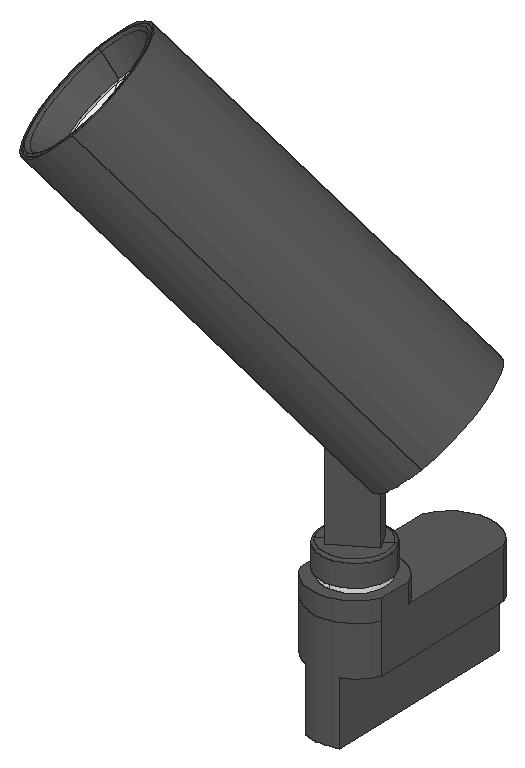
Revit family "0005447", category Lighting Fixtures, host Face, Revit 2017 (continued)
Definition of nested family "START Track Spot Integral Head"
  Types (3, lengths in mm): name | Photometric Web File | built-in parameter 1150142
    0005447 - 36 | "0005447_36.ies" | "IESNA:LM-63-2002\r\n[TEST] 202010555\r\n[TESTLAB] \r\n[TESTDATE] 23 May 2020\r\n[ISSUEDATE] 23 May 2020\r\n[MANUFAC] Sylvania\r\n[LUMCAT] 202010555\r\n[LUMINAIRE] FT1079-B-4000£¨36¡ã£©\r\n[FLASHAREA] 0.000514\r\n[LAMPCAT] 202010555\r\n[LAMP] LED 17W - 16.16 W\r\nTILT=NONE\r\n1 1551.00 1.0 181 4 1 2 -0.052 -0.052 0.000\r\n1.00 1.00 16.16\r\n0.00 1.00 2.00 3.00 4.00 5.00 6.00 7.00 8.00 9.00 10.00 \r\n11.00 12.00 13.00 14.00 15.00 16.00 17.00 18.00 19.00 \r\n20.00 21.00 22.00 23.00 24.00 25.00 26.00 27.00 28.00 \r\n29.00 30.00 31.00 32.00 33.00 34.00 35.00 36.00 37.00 \r\n38.00 39.00 40.00 41.00 42.00 43.00 44.00 45.00 46.00 \r\n47.00 48.00 49.00 50.00 51.00 52.00 53.00 54.00 55.00 \r\n56.00 57.00 58.00 59.00 60.00 61.00 62.00 63.00 64.00 \r\n65.00 66.00 67.00 68.00 69.00 70.00 71.00 72.00 73.00 \r\n74.00 75.00 76.00 77.00 78.00 79.00 80.00 81.00 82.00 \r\n83.00 84.00 85.00 86.00 87.00 88.00 89.00 90.00 91.00 \r\n92.00 93.00 94.00 95.00 96.00 97.00 98.00 99.00 100.00 \r\n101.00 102.00 103.00 104.00 105.00 106.00 107.00 108.00 \r\n109.00 110.00 111.00 112.00 113.00 114.00 115.00 116.00 \r\n117.00 118.00 119.00 120.00 121.00 122.00 123.00 124.00 \r\n125.00 126.00 127.00 128.00 129.00 130.00 131.00 132.00 \r\n133.00 134.00 135.00 136.00 137.00 138.00 139.00 140.00 \r\n141.00 142.00 143.00 144.00 145.00 146.00 147.00 148.00 \r\n149.00 150.00 151.00 152.00 153.00 154.00 155.00 156.00 \r\n157.00 158.00 159.00 160.00 161.00 162.00 163.00 164.00 \r\n165.00 166.00 167.00 168.00 169.00 170.00 171.00 172.00 \r\n173.00 174.00 175.00 176.00 177.00 178.00 179.00 180.00 \r\n0.00 30.00 60.00 90.00 \r\n2891.24 2887.48 2883.34 2876.25 2858.15 2835.65 2804.62 \r\n2760.96 2704.12 2636.85 2565.16 2486.98 2398.93 2298.14 \r\n2185.73 2065.68 1938.03 1801.86 1666.63 1536.14 1412.10 \r\n1296.09 1185.43 1084.08 989.98 902.58 818.75 741.94 \r\n669.29 601.82 540.30 481.05 428.53 380.98 338.43 300.49 \r\n266.34 235.22 208.88 184.99 164.23 146.05 130.41 117.00 \r\n105.47 95.42 86.63 78.67 71.45 64.80 58.82 53.49 48.74 \r\n44.58 40.61 37.16 34.18 31.53 29.13 26.84 24.60 22.34 \r\n20.10 18.17 16.63 15.26 14.03 12.67 11.12 9.47 7.88 6.48 \r\n5.15 4.00 3.16 2.45 1.78 1.13 0.57 0.12 0.01 0.01 0.01 \r\n0.01 0.01 0.01 0.01 0.01 0.01 0.01 0.01 0.01 0.01 0.01 \r\n0.01 0.01 0.01 0.01 0.01 0.01 0.01 0.01 0.01 0.01 0.01 \r\n0.01 0.01 0.01 0.01 0.01 0.01 0.01 0.01 0.01 0.01 0.01 \r\n0.01 0.01 0.01 0.01 0.01 0.01 0.01 0.01 0.01 0.01 0.01 \r\n0.01 0.01 0.01 0.01 0.01 0.01 0.01 0.01 0.01 0.01 0.01 \r\n0.01 0.01 0.01 0.01 0.01 0.01 0.01 0.01 0.01 0.01 0.01 \r\n0.01 0.01 0.01 0.01 0.01 0.01 0.01 0.01 0.01 0.01 0.01 \r\n0.01 0.01 0.01 0.01 0.01 0.01 0.01 0.01 0.01 0.01 0.01\r\n0.01 0.01 0.1 0.01 0.1 0.01 0.01 0.01 0.01 0.01 \r\n2886.80 2883.41 2879.92 2870.49 2854.90 2830.66 2800.13 \r\n2755.66 2699.00 2634.08 2562.03 2481.57 2393.92 2293.77 \r\n2184.85 2062.13 1932.37 1797.63 1663.33 1533.16 1407.34 \r\n1292.70 1183.89 1082.73 988.30 899.32 816.45 738.86 \r\n667.48 600.47 538.91 479.96 427.83 380.54 338.13 300.18 \r\n265.05 234.93 207.59 183.75 163.00 145.03 129.41 116.16 \r\n104.76 94.89 86.13 78.22 71.03 64.46 58.66 53.47 48.83 \r\n44.67 40.93 37.42 34.24 31.44 28.90 26.62 24.34 22.16 \r\n19.94 18.06 16.50 15.11 13.88 12.58 11.02 9.39 7.87 6.49 \r\n5.18 4.02 3.16 2.46 1.78 1.13 0.56 0.15 0.01 0.01 0.01 \r\n0.01 0.01 0.01 0.01 0.01 0.01 0.01 0.01 0.01 0.01 0.01 \r\n0.01 0.01 0.01 0.01 0.01 0.01 0.01 0.01 0.01 0.01 0.01 \r\n0.01 0.01 0.01 0.01 0.01 0.01 0.01 0.01 0.01 0.01 0.01 \r\n0.01 0.01 0.01 0.01 0.01 0.01 0.01 0.01 0.01 0.01 0.01 \r\n0.01 0.01 0.01 0.01 0.01 0.01 0.01 0.01 0.01 0.01 0.01 \r\n0.01 0.01 0.01 0.01 0.01 0.01 0.01 0.01 0.01 0.01 0.01 \r\n0.01 0.01 0.01 0.01 0.01 0.01 0.01 0.01 0.01 0.01 0.01 \r\n0.01 0.01 0.01 0.01 0.01 0.01 0.01 0.01 0.01 0.01 0.01\r\n0.01 0.01 0.01 0.01 0.1 0.01 0.1 0.01 0.1 0.01 \r\n2883.48 2883.53 2878.90 2870.12 2855.05 2831.09 2799.36 \r\n2755.56 2699.97 2636.15 2563.48 2483.38 2394.47 2294.64 \r\n2183.19 2059.79 1930.91 1794.92 1660.22 1529.40 1404.32 \r\n1289.19 1180.15 1077.79 982.61 893.29 809.34 731.21 \r\n658.42 590.98 528.79 471.03 418.00 370.73 328.85 291.26 \r\n257.25 227.04 200.83 177.61 157.29 139.86 124.86 112.03 \r\n100.99 91.37 82.79 75.33 68.55 62.45 56.92 51.98 47.57 \r\n43.50 39.71 36.37 33.51 30.94 28.64 26.44 24.27 22.05 \r\n19.83 17.89 16.35 15.01 13.79 12.53 11.06 9.40 7.85 6.49 \r\n5.21 4.06 3.17 2.46 1.78 1.13 0.55 0.15 0.01 0.010 0.01 \r\n0.01 0.01 0.01 0.01 0.01 0.01 0.01 0.01 0.01 0.01 0.01 \r\n0.01 0.01 0.01 0.01 0.01 0.01 0.01 0.01 0.01 0.01 0.01 \r\n0.01 0.01 0.01 0.01 0.01 0.01 0.01 0.01 0.01 0.01 0.01 \r\n0.01 0.01 0.01 0.01 0.01 0.01 0.01 0.01 0.01 0.01 0.01 \r\n0.01 0.01 0.01 0.01 0.01 0.01 0.01 0.01 0.01 0.01 0.01 \r\n0.01 0.01 0.01 0.01 0.01 0.01 0.01 0.01 0.01 0.01 0.01 \r\n0.01 0.01 0.01 0.01 0.01 0.01 0.01 0.01 0.01 0.01 0.01 \r\n0.01 0.01 0.01 0.01 0.01 0.01 0.01 0.01 0.01 0.01 0.01\r\n0.01 0.01 0.01 0.01 0.01 0.01 0.01 0.01 0.01 0.01 \r\n2882.48 2882.21 2878.24 2869.99 2853.19 2831.39 2799.13 \r\n2754.47 2699.26 2636.17 2564.26 2484.61 2397.02 2298.24 \r\n2187.00 2063.97 1932.31 1797.43 1661.41 1526.61 1399.75 \r\n1283.09 1172.80 1068.72 973.48 883.83 800.31 722.05 \r\n649.61 582.63 521.48 463.34 411.76 365.11 323.37 286.06 \r\n252.19 222.74 196.76 173.62 153.26 135.84 120.83 108.21 \r\n97.16 87.32 78.93 71.76 65.33 59.68 54.56 50.06 45.80 \r\n41.83 38.40 35.24 32.46 29.85 27.43 25.32 23.29 21.26 \r\n19.21 17.42 16.07 14.82 13.60 12.39 10.93 9.40 7.91 6.55 \r\n5.22 4.03 3.16 2.43 1.74 1.09 0.52 0.13 0.01 0.01 0.01 \r\n0.01 0.01 0.01 0.01 0.01 0.01 0.01 0.01 0.01 0.01 0.01 \r\n0.01 0.01 0.01 0.01 0.01 0.01 0.01 0.01 0.01 0.01 0.01 \r\n0.01 0.01 0.01 0.01 0.01 0.01 0.01 0.01 0.01 0.01 0.01 \r\n0.01 0.01 0.01 0.01 0.01 0.01 0.01 0.01 0.01 0.01 0.01 \r\n0.01 0.01 0.01 0.01 0.01 0.01 0.01 0.01 0.01 0.01 0.01 \r\n0.01 0.01 0.01 0.01 0.01 0.01 0.01 0.01 0.01 0.01 0.01 \r\n0.01 0.01 0.01 0.01 0.01 0.01 0.01 0.01 0.01 0.01 0.01 \r\n0.01 0.01 0.01 0.01 0.01 0.01 0.01 0.01 0.01 0.01 0.01\r\n0.01 0.01 0.01 0.01 0.01 0.01 0.01 0.01 0.01 0.01 \r\n"
    0005447 - 54 | "0005447_54.ies" | "IESNA:LM-63-2002\r\n[TEST] 202010555\r\n[TESTLAB] \r\n[TESTDATE] 23 May 2020\r\n[ISSUEDATE] 23 May 2020\r\n[MANUFAC] Sylvania\r\n[LUMCAT] 202010555\r\n[LUMINAIRE] FT1079-B-4000£¨54¡ã£©\r\n[FLASHAREA] 0.000514\r\n[LAMPCAT] 202010555\r\n[LAMP] LED 17W - 16.26 W\r\nTILT=NONE\r\n1 1548.90 1.0 181 4 1 2 -0.052 -0.052 0.000\r\n1.00 1.00 16.26\r\n0.00 1.00 2.00 3.00 4.00 5.00 6.00 7.00 8.00 9.00 10.00 \r\n11.00 12.00 13.00 14.00 15.00 16.00 17.00 18.00 19.00 \r\n20.00 21.00 22.00 23.00 24.00 25.00 26.00 27.00 28.00 \r\n29.00 30.00 31.00 32.00 33.00 34.00 35.00 36.00 37.00 \r\n38.00 39.00 40.00 41.00 42.00 43.00 44.00 45.00 46.00 \r\n47.00 48.00 49.00 50.00 51.00 52.00 53.00 54.00 55.00 \r\n56.00 57.00 58.00 59.00 60.00 61.00 62.00 63.00 64.00 \r\n65.00 66.00 67.00 68.00 69.00 70.00 71.00 72.00 73.00 \r\n74.00 75.00 76.00 77.00 78.00 79.00 80.00 81.00 82.00 \r\n83.00 84.00 85.00 86.00 87.00 88.00 89.00 90.00 91.00 \r\n92.00 93.00 94.00 95.00 96.00 97.00 98.00 99.00 100.00 \r\n101.00 102.00 103.00 104.00 105.00 106.00 107.00 108.00 \r\n109.00 110.00 111.00 112.00 113.00 114.00 115.00 116.00 \r\n117.00 118.00 119.00 120.00 121.00 122.00 123.00 124.00 \r\n125.00 126.00 127.00 128.00 129.00 130.00 131.00 132.00 \r\n133.00 134.00 135.00 136.00 137.00 138.00 139.00 140.00 \r\n141.00 142.00 143.00 144.00 145.00 146.00 147.00 148.00 \r\n149.00 150.00 151.00 152.00 153.00 154.00 155.00 156.00 \r\n157.00 158.00 159.00 160.00 161.00 162.00 163.00 164.00 \r\n165.00 166.00 167.00 168.00 169.00 170.00 171.00 172.00 \r\n173.00 174.00 175.00 176.00 177.00 178.00 179.00 180.00 \r\n0.00 30.00 60.00 90.00 \r\n1795.31 1795.26 1791.08 1788.17 1781.89 1778.57 1767.73 \r\n1757.55 1744.10 1728.78 1705.56 1683.17 1657.51 1627.43 \r\n1595.67 1559.28 1519.58 1481.41 1436.58 1390.07 1337.12 \r\n1280.13 1222.35 1162.00 1096.69 1025.38 956.05 884.60 \r\n819.50 755.22 693.43 634.71 579.54 528.47 480.10 436.73 \r\n397.67 362.14 329.11 298.67 271.55 244.76 222.11 201.52 \r\n182.66 165.65 150.00 135.93 122.86 110.81 100.79 91.68 \r\n83.70 76.20 69.57 63.18 57.11 51.53 46.35 41.38 36.25 \r\n31.35 26.86 23.47 21.01 18.88 17.05 15.40 13.86 12.29 \r\n10.67 9.07 7.46 6.21 5.09 3.97 2.95 1.97 1.00 0.23 0.01 \r\n0.01 0.01 0.01 0.01 0.01 0.01 0.01 0.01 0.01 0.01 0.01 \r\n0.01 0.01 0.01 0.01 0.01 0.01 0.01 0.01 0.01 0.01 0.01 \r\n0.01 0.01 0.01 0.01 0.01 0.01 0.01 0.01 0.01 0.01 0.01 \r\n0.01 0.01 0.01 0.01 0.01 0.01 0.01 0.01 0.01 0.01 0.01 \r\n0.01 0.01 0.01 0.01 0.01 0.01 0.01 0.01 0.01 0.01 0.01 \r\n0.01 0.01 0.01 0.01 0.01 0.01 0.01 0.01 0.01 0.01 0.01 \r\n0.01 0.01 0.01 0.01 0.01 0.01 0.01 0.01 0.01 0.01 0.01 \r\n0.01 0.01 0.01 0.01 0.01 0.01 0.01 0.01 0.01 0.01 0.01 \r\n0.01 0.01 0.01 0.01 0.01 0.01 0.01 0.01 0.01 0.01 0.01\r\n0.01 \r\n1789.45 1787.87 1783.87 1779.02 1776.32 1770.96 1761.41 \r\n1750.30 1736.96 1721.68 1702.63 1679.49 1655.72 1626.20 \r\n1591.31 1554.79 1515.32 1474.27 1429.54 1383.21 1330.98 \r\n1274.83 1214.76 1151.79 1085.11 1016.63 948.05 879.91 \r\n814.43 750.01 689.35 632.10 578.62 529.24 481.52 438.69 \r\n399.10 363.81 331.23 301.22 273.44 247.83 224.57 203.95 \r\n185.09 167.44 151.53 136.71 123.15 111.31 101.00 91.82 \r\n83.62 76.09 69.42 62.65 56.35 50.64 45.36 40.44 35.75 \r\n30.95 26.60 23.35 20.94 18.88 17.04 15.37 13.79 12.21 \r\n10.64 9.10 7.59 6.32 5.18 4.05 3.01 1.97 0.98 0.27 0.01 \r\n0.01 0.01 0.01 0.01 0.01 0.01 0.01 0.01 0.01 0.01 0.01 \r\n0.01 0.01 0.01 0.01 0.01 0.01 0.01 0.01 0.01 0.01 0.01 \r\n0.01 0.01 0.01 0.01 0.01 0.01 0.01 0.01 0.01 0.01 0.01 \r\n0.01 0.01 0.01 0.01 0.01 0.01 0.01 0.01 0.01 0.01 0.01 \r\n0.01 0.01 0.01 0.01 0.01 0.01 0.01 0.01 0.01 0.01 0.01 \r\n0.01 0.01 0.01 0.01 0.01 0.01 0.01 0.01 0.01 0.01 0.01 \r\n0.01 0.01 0.01 0.01 0.01 0.01 0.01 0.01 0.01 0.01 0.01 \r\n0.01 0.01 0.01 0.01 0.01 0.01 0.01 0.01 0.01 0.01 0.01 \r\n0.01 0.01 0.01 0.01 0.01 0.01 0.01 0.01 0.01 0.01 0.01 \r\n0.00 \r\n1787.64 1786.75 1784.48 1779.69 1775.26 1769.11 1758.49 \r\n1748.19 1734.44 1717.34 1696.48 1673.77 1645.27 1614.50 \r\n1581.26 1545.31 1506.89 1466.57 1422.85 1374.53 1321.52 \r\n1265.61 1205.03 1142.01 1076.50 1008.95 941.32 873.95 \r\n808.80 745.63 686.15 629.95 578.22 529.00 483.41 440.70 \r\n401.67 366.18 333.88 303.75 276.08 249.31 225.88 204.55 \r\n185.18 166.56 150.06 134.48 120.88 108.82 98.64 89.75 \r\n82.00 74.84 68.28 62.01 55.97 50.46 45.29 40.17 35.15 \r\n30.41 25.99 22.93 20.60 18.66 16.93 15.36 13.81 12.21 \r\n10.61 9.06 7.58 6.32 5.20 4.07 3.01 1.98 0.99 0.26 0.01 \r\n0.01 0.01 0.01 0.01 0.01 0.01 0.01 0.01 0.01 0.01 0.01 \r\n0.01 0.01 0.01 0.01 0.01 0.01 0.01 0.01 0.01 0.01 0.01 \r\n0.01 0.01 0.01 0.01 0.01 0.01 0.01 0.01 0.01 0.01 0.01 \r\n0.01 0.01 0.01 0.01 0.01 0.01 0.01 0.01 0.01 0.01 0.01 \r\n0.01 0.01 0.01 0.01 0.01 0.01 0.01 0.01 0.01 0.01 0.01 \r\n0.01 0.01 0.01 0.01 0.01 0.01 0.01 0.01 0.01 0.01 0.01 \r\n0.01 0.01 0.01 0.01 0.01 0.01 0.01 0.01 0.01 0.01 0.01 \r\n0.01 0.01 0.01 0.01 0.01 0.01 0.01 0.01 0.01 0.01 0.01 \r\n0.01 0.01 0.01 0.01 0.01 0.01 0.01 0.01 0.01 0.01 0.01\r\n0.01 \r\n1785.70 1786.16 1782.52 1779.46 1775.32 1767.73 1757.55 \r\n1744.47 1729.37 1711.85 1691.59 1667.42 1641.27 1610.39 \r\n1577.57 1541.64 1502.88 1460.78 1417.37 1368.75 1315.22 \r\n1259.85 1201.61 1138.33 1072.73 1005.47 938.25 872.60 \r\n807.45 745.15 685.39 630.32 579.06 530.18 483.40 441.54 \r\n402.56 367.40 334.18 303.82 275.45 248.02 224.00 202.03 \r\n181.61 163.26 146.38 131.32 118.57 107.39 97.38 88.52 \r\n80.70 73.84 67.52 61.17 55.09 49.44 44.36 39.54 34.72 \r\n30.01 25.56 22.66 20.44 18.53 16.84 15.32 13.79 12.19 \r\n10.59 9.09 7.59 6.39 5.28 4.15 3.09 2.02 0.99 0.22 0.01 \r\n0.01 0.01 0.01 0.01 0.01 0.01 0.01 0.01 0.01 0.01 0.01 \r\n0.01 0.01 0.01 0.01 0.01 0.01 0.01 0.01 0.01 0.01 0.01 \r\n0.01 0.01 0.01 0.01 0.01 0.01 0.01 0.01 0.01 0.01 0.01 \r\n0.01 0.01 0.01 0.01 0.01 0.01 0.01 0.01 0.01 0.01 0.01 \r\n0.01 0.01 0.01 0.01 0.01 0.01 0.01 0.01 0.01 0.01 0.01 \r\n0.01 0.01 0.01 0.01 0.01 0.01 0.01 0.01 0.01 0.01 0.01 \r\n0.01 0.01 0.01 0.01 0.01 0.01 0.01 0.01 0.01 0.01 0.01 \r\n0.01 0.01 0.01 0.01 0.01 0.01 0.01 0.01 0.01 0.01 0.01 \r\n0.01 0.01 0.01 0.01 0.01 0.01 0.01 0.01 0.01 0.01 0.01 \r\n0.01 \r\n"
  Reference planes
    plane 1 "Center (Front/Back)": y = 0
    plane 2: z = 0
    plane 3 "Center (Left/Right)": x = 0
    plane 4: x = 30
    plane 5: z = 16.8
    plane 6: z = -143.2
    plane 7: x = 29
    plane 8: x = 21
    plane 9: x = 8
    plane 10: z = -133.2
    plane 11: z = -118.2
    plane 12: z = -11.2
    plane 13: x = 28
    plane 14: x = 24.5
    plane 15: z = -131.2
    plane 16: z = -116.2
    plane 17: z = -1
    plane 18: x = 4.75
    plane 19: x = -4.75
    plane 20: y = -30
    plane 21: y = -11
    plane 22: x = 27
    plane 23: y = -20.5
  Forms (mm)
    Extrusion 1, solid
      sketch origin (4.2, 0, 0) x (1, 0, 0) y (0, 1, 0)
        loop
          line (-1219.2, 1219.2) -> (-1219.2, -1219.2) -> (1219.2, -1219.2) -> (1219.2, 1219.2) -> (-1219.2, 1219.2)
      from 0 to -68.017
    Revolve 2, solid, material <- "Material_1_SYL"
      sketch origin (0, 0, 0) x (1, 0, 0) y (0, 0, 1)
        loop
          line (30, -143.2) -> (30, 16.8) -> (29, 16.8) -> (29, -143.2) -> (30, -143.2)
        axis (0, 16.8) -> (0, -143.2)
      angle from 360 to 0
    Revolve 3, solid, material <- "Material_1_SYL"
      sketch origin (0, 0, 0) x (1, 0, 0) y (0, 0, 1)
        loop
          line (29, 16.8) -> (28, 16.8)
          arc (28, 16.8) -> (24.5, 15.673) -> (21, 16.8) r 6
          line (21, 16.8) -> (0, 16.8) -> (0, -11.2) -> (29, -11.2) -> (29, 16.8)
        axis (0, 16.8) -> (0, -11.2)
      angle from 360 to 0
    Revolve 4, solid, material <- "Material_2_SYL"
      sketch origin (0, 0, 0) x (1, 0, 0) y (0, 0, 1)
        loop
          line (29, -131.2) -> (0, -131.2) -> (0, -133.2) -> (29, -133.2) -> (29, -131.2)
        axis (0, -131.2) -> (0, -133.2)
      angle from 360 to 0
    Revolve 5, solid
      sketch origin (0, 0, 0) x (1, 0, 0) y (0, 0, 1)
        loop
          line (0, -118.2) -> (8, -118.2)
          arc (8, -118.2) -> (18.503, -121.84) -> (24.5, -131.2) r 16.971
          line (24.5, -131.2) -> (29, -131.2) -> (29, -116.2) -> (0, -116.2) -> (0, -118.2)
        axis (0, -116.2) -> (0, -131.2)
      angle from 360 to 0
    Extrusion 6, void
      sketch origin (1524, -30, 1219.2) x (-1, 0, 0) y (0, 0, 1)
        loop
          line (1528.75, -1230.4) -> (1528.75, -1202.4) -> (1519.25, -1202.4) -> (1519.25, -1230.4) -> (1528.75, -1230.4)
      from 0 to 19
    Revolve 7, solid, material <- "Material_1_SYL"
      sketch origin (0, 0, 0) x (1, 0, 0) y (0, 0, 1)
        loop
          line (21, -133.2) -> (26.506, -142.377)
          arc (26.506, -142.377) -> (27.014, -142.976) -> (27.767, -143.2) r 1.377
          line (27.767, -143.2) -> (29, -143.2) -> (29, -133.2) -> (21, -133.2)
        axis (0, -133.2) -> (0, -143.2)
      angle from 360 to 0
  Cuts and joins
    Extrusion 6 cuts Revolve 3
    Extrusion 6 cuts Revolve 2
  Lines and regions (mm)
    reference lines
      curve 1: arc (21, 0, 16.8) -> (24.5, 0, 15.673) -> (28, 0, 16.8) r 6
      curve 2: line (21, 0, -133.2) -> (27, 0, -143.2)
  Dimensions and locks
    "RadiusHead_SYL": plane 4 to plane 3 "Center (Left/Right)"
    "DistRotateAxisY_SYL": plane 5 to plane 2
    "Height_SYL": plane 5 to plane 6
    locked: plane 4 to plane 7 at 1
    "RadiusLensOut_SYL": plane 8 to plane 3 "Center (Left/Right)"
    "RadiusEmission_SYL": plane 9 to plane 3 "Center (Left/Right)"
    "DepthLens_SYL": plane 10 to plane 6
    "DepthEmission_SYL": plane 11 to plane 6
    locked: plane 5 to plane 12 at 28
    locked: plane 4 to plane 13 at 2
    equal spacing: plane 13, plane 14, plane 8
    locked: plane 5 to curve 1 at 1.127
    locked: plane 15 to plane 10 at 2
    locked: plane 16 to plane 11 at 2
    locked: plane 2 to plane 17 at 1
    equal spacing: plane 18, plane 3 "Center (Left/Right)", plane 19
    "WidthCutOut_SYL": plane 18 to plane 19
    "RadiusHead_SYL": plane 20 to plane 1 "Center (Front/Back)"
    "DepthCutOut_SYL": plane 20 to plane 21
    locked: plane 4 to plane 22 at 3
    equal spacing: plane 20, plane 23, plane 21
    aligned and locked: plane 2 to Extrusion 1
    aligned and locked: level to Extrusion 1
    aligned and locked: plane 8 to curve 1
    aligned and locked: plane 13 to curve 1
    aligned and locked: plane 14 to curve 1
    aligned and locked: plane 5 to curve 1
    aligned and locked: Revolve 2 sketch curve to plane 3 "Center (Left/Right)"
    aligned and locked: Revolve 2 sketch curve to plane 6
    aligned and locked: Revolve 2 sketch curve to plane 4
    aligned and locked: plane 5 to Revolve 2 sketch curve
    aligned and locked: plane 7 to Revolve 2 sketch curve
    aligned and locked: Revolve 3 sketch curve to plane 3 "Center (Left/Right)"
    aligned and locked: Revolve 3 sketch curve to Revolve 2  (x3)
    aligned and locked: Revolve 3 sketch curve to plane 12
    aligned and locked: plane 3 "Center (Left/Right)" to Revolve 3 sketch curve
    aligned and locked: Revolve 3 sketch curve to curve 1
    aligned and locked: plane 5 to Revolve 3 sketch curve
    aligned and locked: Revolve 4 sketch curve to plane 3 "Center (Left/Right)"  (x2)
    aligned and locked: Revolve 4 sketch curve to plane 15
    aligned and locked: plane 7 to Revolve 4 sketch curve
    aligned and locked: Revolve 5 sketch curve to plane 3 "Center (Left/Right)"  (x2)
    aligned and locked: plane 3 "Center (Left/Right)" to Revolve 5 sketch curve
    aligned and locked: plane 9 to Revolve 5 sketch curve
    aligned and locked: plane 11 to Revolve 5 sketch curve
    aligned and locked: plane 14 to Revolve 5 sketch curve
    aligned and locked: plane 15 to Revolve 5 sketch curve
    aligned and locked: plane 12 to Extrusion 6 sketch curve
    aligned and locked: Extrusion 6 sketch curve to plane 19
    aligned and locked: Extrusion 6 sketch curve to plane 5
    aligned and locked: plane 18 to Extrusion 6 sketch curve
    aligned and locked: Extrusion 6 to plane 21
    aligned and locked: plane 20 to Extrusion 6
    aligned and locked: plane 10 to curve 2
    aligned and locked: plane 22 to curve 2
    aligned and locked: Revolve 7 sketch curve to plane 3 "Center (Left/Right)"
    aligned and locked: plane 10 to Revolve 7 sketch curve
    aligned and locked: Revolve 7 sketch curve to Revolve 4
    aligned and locked: Revolve 7 sketch curve to curve 2
    aligned and locked: plane 3 "Center (Left/Right)" to imposter light
    aligned and locked: imposter light to plane 1 "Center (Front/Back)"
    aligned and locked: imposter light to plane 10
  Automatic sketch dimensions
    Extrusion 1 sketch curve to Extrusion 1 sketch curve = 2438.4 mm  (x2)
    plane 6 to Revolve 2 sketch curve = 487.1 mm
    Revolve 2 sketch curve to plane 5 = 2571.558 mm
    plane 6 to Revolve 3 sketch curve = 487.1 mm
    Revolve 3 sketch curve to Revolve 3 sketch curve = 2566.685 mm
    plane 6 to Revolve 4 sketch curve = 487.1 mm
    Revolve 4 sketch curve to plane 5 = 2571.558 mm
    Revolve 5 sketch curve to plane 11 = 2 mm
    plane 6 to Revolve 5 sketch curve = 487.1 mm
    Revolve 5 sketch curve to plane 5 = 2571.558 mm
    Revolve 5 sketch curve to plane 7 = 0 mm
    Revolve 4 sketch curve to plane 10 = 0 mm
    curve 2 to plane 8 = 0 mm
    curve 1 to plane 14 = 0 mm
    curve 2 to plane 6 = 0 mm
    curve 1 to plane 13 = 0 mm
    Revolve 7 sketch curve to plane 6 = 0 mm
    Revolve 7 sketch curve to plane 22 = 0.494 mm
    Revolve 7 sketch curve to plane 13 = 0.233 mm
    plane 6 to Revolve 7 sketch curve = 474.6 mm
    Revolve 7 sketch curve to plane 5 = 2584.058 mm
Types (3, lengths in mm): name | TypeHead_SYL
  0005447 PIXO SMALL 1600LM 940 NB MB WB BLK - 24 | START Track Spot Integral Head : 0005447 - 24
  0005447 PIXO SMALL 1600LM 940 NB MB WB BLK - 36 | START Track Spot Integral Head : 0005447 - 36
  0005447 PIXO SMALL 1600LM 940 NB MB WB BLK - 54 | START Track Spot Integral Head : 0005447 - 54
